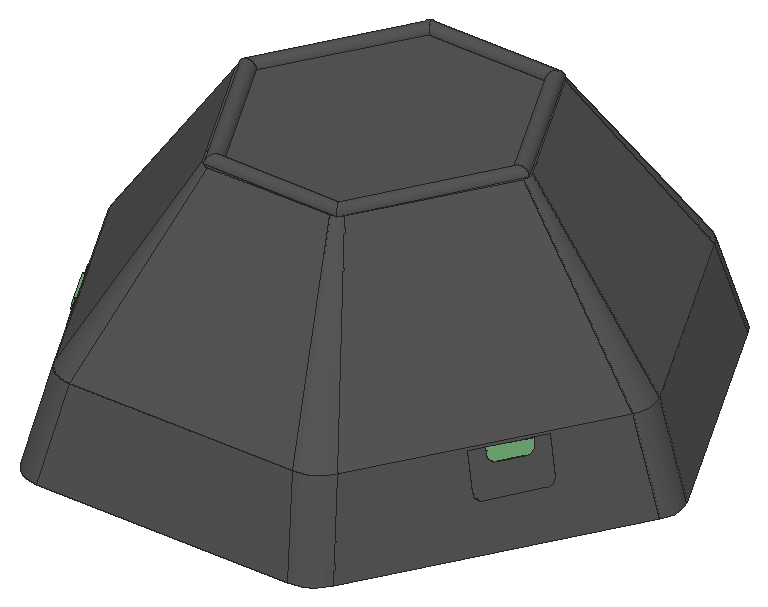
Revit family "Electronics_Huddle-Room-Solutions_Biamp_Devio_Beamtracking-Tabletop-Microphone_DTM-1__", category Communication Devices, host Face, Revit 2020
Family settings
  Host = Face
  Maintain Annotation Orientation = No
  Round Connector Dimension = Use Diameter
  Part Type = Normal
  OmniClass Number = 23.85.10.11.14.14.11
  OmniClass Title = Microphones
  Cut with Voids When Loaded = No
  Shared = No
  Room Calculation Point = No
Parameters (values of type "DTM-1")
  Width = 5.125"  # constant formula
  Weight = 0.60 lbf  # constant formula
  URL = "https://www.biamp.com/"
  Temperature Range = "32 - 104° F (0 - 40° C)"  # constant formula
  Sensitivity = "94 dB SPL, 1 kHz: > 70 dB, A-Weighted"  # constant formula
  Selectable Directivity Modes = "2 modes: Middle of Table (360°) or End of Table (120°)"  # constant formula
  Product data url = "https://www.bimobject.com/biamp/product/dtm-1_huddle-room-solution"
  Product Page URL = "https://www.biamp.com/products/product-families/devio/huddle-room-solutions#dtm-1"
  Product Documentation Link = "https://downloads.biamp.com/assets/docs/default-source/data-sheets/devio-dtm-1-data-sheet_nov18.pdf"
  Power = "< 1 W, phantom powered from SCR-20/SCR-25"  # constant formula
  Polar Pattern = "Active Beamformed"  # constant formula
  Mute Switching = "3 Capacitive Touch Buttons"  # constant formula
  Model = "Devio DTM-1"  # constant formula
  Microphone Technology = "8-Element Digital Array"  # constant formula
  Maximum SPL = "0.5% THD: 106 dB SPL"  # constant formula
  Max Distance Between Devices = "49 feet (15 meters) from SCR-20/SCR-25 to DTM-1; 49 feet (15 meters) for daisy-chained connections between DTM-1 microphones"  # constant formula
  Manufacturer = "Biamp"  # constant formula
  Indicators = "Mute Indicator (Green/Red LED)"  # constant formula
  Humidity = "0-95% relative humidity (non-condensing)"  # constant formula
  Housing Material = Biamp - Plastic - Black
  Height = 2.20312"  # constant formula
  Frequency Response = "150 Hz - 16 kHz: ± 3 dB"  # constant formula
  Dynamic Range = "THD+N < 10%: 92 dB, A-Weighted"  # constant formula
  Digital Interface = "Custom/Proprietary"  # constant formula
  Description = "Devio® DTM-1 Beamtracking™ Tabletop Microphone"  # constant formula
  Depth = 4.76562"  # constant formula
  Default Elevation = 48.00"
  Connectors = "Two RJ-45: one between DTM-1 and Devio SCR-20/SCR-25, the other between DTM-1 and additional DTM"  # constant formula
  Compliance = "FCC Part 15B (USA); CE marked (Europe); UL and C-UL listed (USA and Canada); RoHS Directive (Europe)"  # constant formula
  Automatic Noise Suppression = "4 modes: Of, Low (Default), Medium, High"  # constant formula
  Altitude = "0-6,600 ft (0-2000m) MSL"  # constant formula
Reference planes (in)
  plane 1 "Center (Front/Back)": y = 0
  plane 2: z = 0
  plane 3 "Center (Left/Right)": x = 0
  plane 4: x = -2.5625
  plane 5: x = 2.5625
  plane 6: y = 2.38281
  plane 7: y = -2.38281
  plane 8: z = 2.20312
Forms (in)
  Blend 1, solid, material "Biamp - Plastic - Black" <- "Housing Material", detail levels medium+fine
    base sketch origin (0, 0, 0) x (1, 0, 0) y (0, 1, 0)
      loop
        arc (-1.08005, 2.38281) -> (-1.23298, 2.34091) -> (-1.34319, 2.22689) r 0.3
        line (-1.34319, 2.22689) -> (-2.48361, 0.14408)
        arc (-2.48361, 0.14408) -> (-2.52047, 0) -> (-2.48361, -0.14408) r 0.3
        line (-2.48361, -0.14408) -> (-1.34319, -2.22689)
        arc (-1.34319, -2.22689) -> (-1.23298, -2.34091) -> (-1.08005, -2.38281) r 0.3
        line (-1.08005, -2.38281) -> (1.08005, -2.38281)
        arc (1.08005, -2.38281) -> (1.23298, -2.34091) -> (1.34319, -2.22689) r 0.3
        line (1.34319, -2.22689) -> (2.48361, -0.14408)
        arc (2.48361, -0.14408) -> (2.52047, 0) -> (2.48361, 0.14408) r 0.3
        line (2.48361, 0.14408) -> (1.34319, 2.22689)
        arc (1.34319, 2.22689) -> (1.23298, 2.34091) -> (1.08005, 2.38281) r 0.3
        line (1.08005, 2.38281) -> (-1.08005, 2.38281)
    top sketch origin (0, 0, 0) x (1, 0, 0) y (0, 1, 0)
      loop
        arc (-0.95969, 2.17969) -> (-1.11262, 2.13778) -> (-1.22282, 2.02377) r 0.3
        line (-1.22282, 2.02377) -> (-2.25203, 0.14408)
        arc (-2.25203, 0.14408) -> (-2.28889, 0) -> (-2.25203, -0.14408) r 0.3
        line (-2.25203, -0.14408) -> (-1.22282, -2.02377)
        arc (-1.22282, -2.02377) -> (-1.11262, -2.13778) -> (-0.95969, -2.17969) r 0.3
        line (-0.95969, -2.17969) -> (0.95969, -2.17969)
        arc (0.95969, -2.17969) -> (1.11262, -2.13778) -> (1.22282, -2.02377) r 0.3
        line (1.22282, -2.02377) -> (2.25203, -0.14408)
        arc (2.25203, -0.14408) -> (2.28889, 0) -> (2.25203, 0.14408) r 0.3
        line (2.25203, 0.14408) -> (1.22282, 2.02377)
        arc (1.22282, 2.02377) -> (1.11262, 2.13778) -> (0.95969, 2.17969) r 0.3
        line (0.95969, 2.17969) -> (-0.95969, 2.17969)
    from 0 to 0.73
  Blend 2, solid, material "Biamp - Grill - Black", detail levels medium+fine
    base sketch origin (0, 0, 0.73) x (1, 0, 0) y (0, 1, 0)
      loop
        line (0.95969, 2.17969) -> (-0.95969, 2.17969)
        arc (-0.95969, 2.17969) -> (-1.11262, 2.13778) -> (-1.22282, 2.02377) r 0.3
        line (-1.22282, 2.02377) -> (-2.25203, 0.14408)
        arc (-2.25203, 0.14408) -> (-2.28889, 0) -> (-2.25203, -0.14408) r 0.3
        line (-2.25203, -0.14408) -> (-1.22282, -2.02377)
        arc (-1.22282, -2.02377) -> (-1.11262, -2.13778) -> (-0.95969, -2.17969) r 0.3
        line (-0.95969, -2.17969) -> (0.95969, -2.17969)
        arc (0.95969, -2.17969) -> (1.11262, -2.13778) -> (1.22282, -2.02377) r 0.3
        line (1.22282, -2.02377) -> (2.25203, -0.14408)
        arc (2.25203, -0.14408) -> (2.28889, 0) -> (2.25203, 0.14408) r 0.3
        line (2.25203, 0.14408) -> (1.22282, 2.02377)
        arc (1.22282, 2.02377) -> (1.11262, 2.13778) -> (0.95969, 2.17969) r 0.3
    top sketch origin (0, 0, 0.73) x (1, 0, 0) y (0, 1, 0)
      loop
        line (-0.6104, 1.19021) -> (-1.23579, 0.04803)
        arc (-1.23579, 0.04803) -> (-1.24808, 0) -> (-1.23579, -0.04803) r 0.1
        line (-1.23579, -0.04803) -> (-0.6104, -1.19021)
        arc (-0.6104, -1.19021) -> (-0.57366, -1.22822) -> (-0.52268, -1.24219) r 0.1
        line (-0.52268, -1.24219) -> (0.52268, -1.24219)
        arc (0.52268, -1.24219) -> (0.57366, -1.22822) -> (0.6104, -1.19021) r 0.1
        line (0.6104, -1.19021) -> (1.23579, -0.04803)
        arc (1.23579, -0.04803) -> (1.24808, 0) -> (1.23579, 0.04803) r 0.1
        line (1.23579, 0.04803) -> (0.6104, 1.19021)
        arc (0.6104, 1.19021) -> (0.57366, 1.22822) -> (0.52268, 1.24219) r 0.1
        line (0.52268, 1.24219) -> (-0.52268, 1.24219)
        arc (-0.52268, 1.24219) -> (-0.57366, 1.22822) -> (-0.6104, 1.19021) r 0.1
    from 0 to 1.40702
  Sweep 3, solid, material "Biamp - Plastic - Black" <- "Housing Material", detail levels fine
    path origin (0, 0, 2.13702) x (1, 0, 0) y (0, 1, 0)
      loop
        line (1.24427, 0) -> (0.57268, 1.22656) -> (-0.57268, 1.22656) -> (-1.24427, 0) -> (-0.57268, -1.22656) -> (0.57268, -1.22656) -> (1.24427, 0)
    profile origin (0.90848, 0.61328, 2.13702) x (-0.877125, -0.480262, 0) y (0, 0, 1)
      loop
        line (0, 0) -> (0.12399, 0)
        arc (0.12399, 0) -> (0.062, 0.062) -> (0, 0) r 0.062
  Extrusion 4, solid, material "Biamp - Plastic - Black" <- "Housing Material", detail levels fine
    sketch origin (1.9134, -1.18548, 0) x (0.480262, 0.877125, 0) y (-0.23513, 0.128743, 0.9634)
      loop
        line (-0.12758, 0.74087) -> (-0.12738, 0.44183)
        arc (-0.12738, 0.44183) -> (-0.10643, 0.39763) -> (-0.06093, 0.37968) r 0.06655
        line (-0.06093, 0.37968) -> (0.40318, 0.38)
        arc (0.40318, 0.38) -> (0.44731, 0.39745) -> (0.46763, 0.44033) r 0.06464
        line (0.46763, 0.44033) -> (0.46743, 0.74128) -> (0.34243, 0.74119) -> (0.34246, 0.69024)
        arc (0.34246, 0.69024) -> (0.3236, 0.64462) -> (0.27801, 0.6257) r 0.0645
        line (0.27801, 0.6257) -> (0.0639, 0.62555)
        arc (0.0639, 0.62555) -> (0.01693, 0.64497) -> (-0.00255, 0.69191) r 0.06641
        line (-0.00255, 0.69191) -> (-0.00258, 0.74095) -> (-0.12758, 0.74087)
    from 0 to 0.01242
  Extrusion 5, solid, material "Biamp - Plastic - Green", detail levels fine
    sketch origin (1.9134, -1.18548, 0) x (0.480262, 0.877125, 0) y (-0.23513, 0.128743, 0.9634)
      loop
        line (-0.00257, 0.74095) -> (-0.00253, 0.69191)
        arc (-0.00253, 0.69191) -> (0.01842, 0.64771) -> (0.06392, 0.62977) r 0.06655
        line (0.06392, 0.62977) -> (0.27802, 0.62992)
        arc (0.27802, 0.62992) -> (0.32215, 0.64736) -> (0.34248, 0.69024) r 0.06464
        line (0.34248, 0.69024) -> (0.34244, 0.74119) -> (-0.00257, 0.74095)
    from 0 to 0.02156
  Extrusion 6, solid, material "Biamp - Plastic - Black" <- "Housing Material", detail levels fine
    sketch origin (-1.91614, -1.17117, 0) x (0.480021, -0.877257, 0) y (0.233864, 0.127967, 0.963811)
      loop
        line (-0.29871, 0.74508) -> (-0.2985, 0.44604)
        arc (-0.2985, 0.44604) -> (-0.27902, 0.3991) -> (-0.23205, 0.37968) r 0.06641
        line (-0.23205, 0.37968) -> (0.23205, 0.38)
        arc (0.23205, 0.38) -> (0.27765, 0.39892) -> (0.29651, 0.44455) r 0.0645
        line (0.29651, 0.44455) -> (0.2963, 0.74549) -> (0.1713, 0.74541) -> (0.17133, 0.69446)
        arc (0.17133, 0.69446) -> (0.15247, 0.64884) -> (0.10688, 0.62992) r 0.0645
        line (0.10688, 0.62992) -> (-0.10722, 0.62977)
        arc (-0.10722, 0.62977) -> (-0.15419, 0.64919) -> (-0.17368, 0.69613) r 0.06641
        line (-0.17368, 0.69613) -> (-0.17371, 0.74517) -> (-0.29871, 0.74508)
    from 0 to 0.01242
  Extrusion 7, solid, material "Biamp - Plastic - Green", detail levels fine
    sketch origin (-1.91614, -1.17117, 0) x (0.480021, -0.877257, 0) y (0.233864, 0.127967, 0.963811)
      loop
        line (-0.17371, 0.74517) -> (-0.17368, 0.69613)
        arc (-0.17368, 0.69613) -> (-0.15419, 0.64919) -> (-0.10722, 0.62977) r 0.06641
        line (-0.10722, 0.62977) -> (0.10688, 0.62992)
        arc (0.10688, 0.62992) -> (0.15247, 0.64884) -> (0.17133, 0.69446) r 0.0645
        line (0.17133, 0.69446) -> (0.1713, 0.74541) -> (-0.17371, 0.74517)
    from 0 to 0.02156
  Blend 8, solid, material "Biamp - Plastic - Black" <- "Housing Material", detail levels coarse
    base sketch origin (0, 0, 0.73) x (1, 0, 0) y (0, 1, 0)
      loop
        line (-2.5625, 0) -> (-1.25781, -2.38281) -> (1.25781, -2.38281) -> (2.5625, 0) -> (1.25781, 2.38281) -> (-1.25781, 2.38281) -> (-2.5625, 0)
    top sketch origin (0, 0, 0.73) x (1, 0, 0) y (0, 1, 0)
      loop
        line (-0.58194, 1.24219) -> (-1.26209, 0) -> (-0.58194, -1.24219) -> (0.58194, -1.24219) -> (1.26209, 0) -> (0.58194, 1.24219) -> (-0.58194, 1.24219)
    from -0.73 to 1.47313
  Extrusion 9, void
    sketch origin (0, 0, 0.73) x (0, 1, 0) y (1, 0, 0)
      loop
        line (-0.23909, -0.45807) -> (-0.23909, -0.05807) -> (-0.63909, -0.05807) -> (-0.63909, -0.45807) -> (-0.23909, -0.45807)
      loop
        line (-0.23909, 0.45807) -> (-0.63909, 0.45807) -> (-0.63909, 0.05807) -> (-0.23909, 0.05807) -> (-0.23909, 0.45807)
    from 0.68004 to 0.73
Cuts and joins
  Extrusion 9 cuts Blend 1
  Extrusion 9 cuts Blend 2
  Extrusion 9 cuts Blend 8
Lines and regions (in)
  Masking region 1, detail levels coarse
    outline origin (0, 0, 0.73) x (1, 0, 0) y (0, 1, 0)
      loop
        line (-1.25781, 2.38281) -> (-2.5625, 0) -> (-1.25781, -2.38281) -> (1.25781, -2.38281) -> (2.5625, 0) -> (1.25781, 2.38281) -> (-1.25781, 2.38281)
  Masking region 2, detail levels medium+fine
    outline origin (0, 0, 0.73) x (1, 0, 0) y (0, 1, 0)
      loop
        arc (-1.08005, 2.38281) -> (-1.23298, 2.34091) -> (-1.34319, 2.22689) r 0.3
        line (-1.34319, 2.22689) -> (-2.48361, 0.14408)
        arc (-2.48361, 0.14408) -> (-2.52047, 0) -> (-2.48361, -0.14408) r 0.3
        line (-2.48361, -0.14408) -> (-1.34319, -2.22689)
        arc (-1.34319, -2.22689) -> (-1.23298, -2.34091) -> (-1.08005, -2.38281) r 0.3
        line (-1.08005, -2.38281) -> (1.08005, -2.38281)
        arc (1.08005, -2.38281) -> (1.23298, -2.34091) -> (1.34319, -2.22689) r 0.3
        line (1.34319, -2.22689) -> (2.48361, -0.14408)
        arc (2.48361, -0.14408) -> (2.52047, 0) -> (2.48361, 0.14408) r 0.3
        line (2.48361, 0.14408) -> (1.34319, 2.22689)
        arc (1.34319, 2.22689) -> (1.23298, 2.34091) -> (1.08005, 2.38281) r 0.3
        line (1.08005, 2.38281) -> (-1.08005, 2.38281)
  symbolic lines, detail levels fine
    curve 1: line (-1.24427, 0, 0.73) -> (-0.57268, -1.2273, 0.73)
    curve 2: line (-0.57268, -1.2273, 0.73) -> (0.57349, -1.2273, 0.73)
    curve 3: line (0.49945, -1.10246, 0.73) -> (-0.49921, -1.10246, 0.73)
    curve 4: line (1.10291, 0, 0.73) -> (0.49945, -1.10246, 0.73)
    curve 5: line (0.57091, -1.22979, 0.73) -> (1.24427, 0, 0.73)
    curve 6: line (-0.57268, 1.22656, 0.73) -> (-1.24427, 0, 0.73)
    curve 7: line (-1.10291, 0, 0.73) -> (-0.49908, 1.102, 0.73)
    curve 8: line (0.5727, 1.22656, 0.73) -> (-0.57268, 1.22656, 0.73)
    curve 9: line (-0.49908, 1.102, 0.73) -> (0.49922, 1.102, 0.73)
    curve 10: line (1.10291, 0, 0.73) -> (0.49921, 1.102, 0.73)
    curve 11: line (1.24427, 0, 0.73) -> (0.5727, 1.22656, 0.73)
    curve 12: line (-1.10291, 0, 0.73) -> (-0.49921, -1.10246, 0.73)
  symbolic lines, detail levels medium+fine
    curve 13: line (-2.25203, 0.14408, 0.73) -> (-1.22282, 2.02377, 0.73)
    curve 14: arc (-1.22282, 2.02377, 0.73) -> (-1.11262, 2.13778, 0.73) -> (-0.95969, 2.17969, 0.73) r 0.3
    curve 15: line (-0.95969, 2.17969, 0.73) -> (0.95969, 2.17969, 0.73)
    curve 16: arc (0.95969, 2.17969, 0.73) -> (1.11262, 2.13778, 0.73) -> (1.22282, 2.02377, 0.73) r 0.3
    curve 17: line (1.22282, 2.02377, 0.73) -> (2.25203, 0.14408, 0.73)
    curve 18: arc (2.25203, 0.14408, 0.73) -> (2.28889, 0, 0.73) -> (2.25203, -0.14408, 0.73) r 0.3
    curve 19: line (2.25203, -0.14408, 0.73) -> (1.22282, -2.02377, 0.73)
    curve 20: arc (1.22282, -2.02377, 0.73) -> (1.11262, -2.13778, 0.73) -> (0.95969, -2.17969, 0.73) r 0.3
    curve 21: line (0.95969, -2.17969, 0.73) -> (-0.95969, -2.17969, 0.73)
    curve 22: arc (-0.95969, -2.17969, 0.73) -> (-1.11262, -2.13778, 0.73) -> (-1.22282, -2.02377, 0.73) r 0.3
    curve 23: line (-1.22282, -2.02377, 0.73) -> (-2.25203, -0.14408, 0.73)
    curve 24: arc (-2.25203, -0.14408, 0.73) -> (-2.28889, 0, 0.73) -> (-2.25203, 0.14408, 0.73) r 0.3
    curve 25: arc (-0.6104, -1.19021, 0.73) -> (-0.57366, -1.22822, 0.73) -> (-0.52268, -1.24219, 0.73) r 0.1
    curve 26: arc (0.52268, -1.24219, 0.73) -> (0.57366, -1.22822, 0.73) -> (0.6104, -1.19021, 0.73) r 0.1
    curve 27: line (0.6104, -1.19021, 0.73) -> (1.23579, -0.04803, 0.73)
    curve 28: arc (1.23579, -0.04803, 0.73) -> (1.24808, 0, 0.73) -> (1.23579, 0.04803, 0.73) r 0.1
    curve 29: line (1.23579, 0.04803, 0.73) -> (0.6104, 1.19021, 0.73)
    curve 30: arc (0.6104, 1.19021, 0.73) -> (0.57366, 1.22822, 0.73) -> (0.52268, 1.24219, 0.73) r 0.1
    curve 31: line (0.52268, 1.24219, 0.73) -> (-0.52268, 1.24219, 0.73)
    curve 32: arc (-0.52268, 1.24219, 0.73) -> (-0.57366, 1.22822, 0.73) -> (-0.6104, 1.19021, 0.73) r 0.1
    curve 33: line (-0.6104, 1.19021, 0.73) -> (-1.23579, 0.04803, 0.73)
    curve 34: arc (-1.23579, 0.04803, 0.73) -> (-1.24808, 0, 0.73) -> (-1.23579, -0.04803, 0.73) r 0.1
    curve 35: line (-1.23579, -0.04803, 0.73) -> (-0.6104, -1.19021, 0.73)
    curve 36: line (-0.52268, -1.24219, 0.73) -> (0.52268, -1.24219, 0.73)
    curve 49: arc (-0.52268, -1.24219, 0.73) -> (-0.57366, -1.22822, 0.73) -> (-0.6104, -1.19021, 0.73) r 0.1
    curve 50: arc (-1.22282, -2.02377, 0.73) -> (-1.11262, -2.13778, 0.73) -> (-0.95969, -2.17969, 0.73) r 0.3
  symbolic lines, detail levels coarse
    curve 37: line (-0.58194, -1.24219, 0.73) -> (0.58194, -1.24219, 0.73)
    curve 38: line (0.58194, -1.24219, 0.73) -> (1.26209, 0, 0.73)
    curve 39: line (1.26209, 0, 0.73) -> (0.58194, 1.24219, 0.73)
    curve 40: line (0.58194, 1.24219, 0.73) -> (-0.58194, 1.24219, 0.73)
    curve 41: line (-0.58194, 1.24219, 0.73) -> (-1.26209, 0, 0.73)
    curve 42: line (-1.26209, 0, 0.73) -> (-0.58194, -1.24219, 0.73)
    curve 43: line (-1.25781, -2.38281, 0.73) -> (-0.58194, -1.24219, 0.73)
    curve 44: line (1.25781, -2.38281, 0.73) -> (0.58194, -1.24219, 0.73)
    curve 45: line (2.5625, 0, 0.73) -> (1.26209, 0, 0.73)
    curve 46: line (1.25781, 2.38281, 0.73) -> (0.58194, 1.24219, 0.73)
    curve 47: line (-0.58194, 1.24219, 0.73) -> (-1.25781, 2.38281, 0.73)
    curve 48: line (-2.5625, 0, 0.73) -> (-1.26209, 0, 0.73)
Dimensions and locks (in)
  equal spacing: plane 6, plane 1 "Center (Front/Back)", plane 7
  "Depth": plane 6 to plane 7
  "Width": plane 4 to plane 5
  equal spacing: plane 4, plane 3 "Center (Left/Right)", plane 5
  "Height": level to plane 8
  aligned and locked: plane 2 to host face
  aligned and locked: level to host face
  aligned and locked: Blend 1 sketch curve to plane 6
  aligned and locked: Blend 1 sketch curve to plane 7
  aligned and locked: Blend 8 to level
  aligned and locked: plane 8 to Blend 8
Automatic sketch dimensions
  host sketch curve to host sketch curve = 96.00"  (x2)
  Sweep 3 sketch curve to Blend 2 = 0.01563"  (x6)
  Sweep 3 sketch curve to Blend 2 = 0.01562"  (x4)
  Sweep 3 sketch curve to profile plane = 0.00"
  profile plane to Sweep 3 sketch curve = 0.00"
  Sweep 3 sketch curve to profile plane = 0.062"
  Blend 1 to Extrusion 4 sketch curve = 0.01687"
  Blend 1 to Extrusion 4 sketch curve = 0.93037"
  Extrusion 4 sketch curve to Extrusion 4 sketch curve = 0.00021"
  Extrusion 4 sketch curve to Extrusion 4 sketch curve = 0.06641"  (x2)
  Blend 1 to Extrusion 4 sketch curve = 0.37968"
  Extrusion 4 sketch curve to Extrusion 4 sketch curve = 0.00005"  (x2)
  Extrusion 4 sketch curve to Extrusion 4 sketch curve = 0.4641"
  Blend 1 to Extrusion 4 sketch curve = 0.38"
  Extrusion 4 sketch curve to Extrusion 4 sketch curve = 0.00004"  (x2)
  Blend 1 to Extrusion 4 sketch curve = 0.01646"
  Blend 1 to Extrusion 4 sketch curve = 0.3174"
  Blend 1 to Extrusion 5 sketch curve = 0.01678"
  Blend 1 to Extrusion 5 sketch curve = 1.05382"
  Blend 1 to Extrusion 5 sketch curve = 0.06582"
  Extrusion 5 sketch curve to Extrusion 5 sketch curve = 0.00003"
  Blend 1 to Extrusion 5 sketch curve = 0.01654"
  Blend 1 to Extrusion 5 sketch curve = 0.06749"
  Extrusion 5 sketch curve to Extrusion 5 sketch curve = 0.0645"
  Blend 1 to Extrusion 5 sketch curve = 0.62992"
  Extrusion 5 sketch curve to Extrusion 5 sketch curve = 0.00004"
  Blend 1 to Extrusion 5 sketch curve = 0.62977"
  Extrusion 5 sketch curve to Extrusion 5 sketch curve = 0.06645"
  Extrusion 5 sketch curve to Extrusion 5 sketch curve = 0.00005"
  Blend 1 to Extrusion 4 sketch curve = 0.01678"
  Blend 1 to Extrusion 4 sketch curve = 0.06582"
  Blend 1 to Extrusion 4 sketch curve = 0.06578"
  Extrusion 4 sketch curve to Extrusion 4 sketch curve = 0.2141"
  Extrusion 4 sketch curve to Extrusion 4 sketch curve = 0.0645"  (x2)
  Extrusion 4 sketch curve to Extrusion 4 sketch curve = 0.12496"
  Extrusion 4 sketch curve to Extrusion 4 sketch curve = 0.00003"
  Blend 1 to Extrusion 4 sketch curve = 0.01654"
  Extrusion 4 sketch curve to Extrusion 4 sketch curve = 0.06447"
  Extrusion 6 sketch curve to Extrusion 6 sketch curve = 0.00021"
  Extrusion 6 sketch curve to Extrusion 6 sketch curve = 0.06641"  (x2)
  Extrusion 6 sketch curve to Extrusion 6 sketch curve = 0.00005"  (x2)
  Extrusion 6 sketch curve to Extrusion 6 sketch curve = 0.125"  (x2)
  Extrusion 6 sketch curve to Extrusion 6 sketch curve = 0.00003"
  Extrusion 6 sketch curve to Extrusion 6 sketch curve = 0.2141"
  Extrusion 6 sketch curve to Extrusion 6 sketch curve = 0.00004"  (x3)
  Extrusion 6 sketch curve to Extrusion 6 sketch curve = 0.06447"
  Extrusion 6 sketch curve to Extrusion 6 sketch curve = 0.12513"
  Extrusion 6 sketch curve to Extrusion 6 sketch curve = 0.0645"  (x3)
  Extrusion 6 sketch curve to Extrusion 6 sketch curve = 0.00032"
  Extrusion 6 sketch curve to Extrusion 6 sketch curve = 0.06636"  (x2)
  Extrusion 6 sketch curve to Extrusion 6 sketch curve = 0.18368"
  Extrusion 6 sketch curve to Extrusion 6 sketch curve = 0.00015"
  Extrusion 7 sketch curve to Extrusion 7 sketch curve = 0.00003"
  Extrusion 7 sketch curve to Extrusion 7 sketch curve = 0.06641"
  Extrusion 7 sketch curve to Extrusion 7 sketch curve = 0.00005"  (x2)
  Extrusion 7 sketch curve to Extrusion 7 sketch curve = 0.2141"
  Extrusion 7 sketch curve to Extrusion 7 sketch curve = 0.00004"  (x2)
  Extrusion 7 sketch curve to Extrusion 7 sketch curve = 0.06447"
  Extrusion 7 sketch curve to Extrusion 7 sketch curve = 0.00015"
  Extrusion 7 sketch curve to Extrusion 7 sketch curve = 0.0645"
  Blend 1 to Blend 8 sketch curve = 0.20313"  (x3)
  Blend 8 sketch curve to Blend 1 = 2.17969"  (x4)
  Blend 8 sketch curve to Blend 8 sketch curve = 1.30469"  (x3)
  Blend 8 sketch curve to Blend 8 sketch curve = 2.51562"
  Blend 8 sketch curve to Blend 8 sketch curve = 2.51563"
  Blend 8 sketch curve to Blend 1 = 0.9375"  (x3)
  Blend 8 sketch curve to Blend 8 sketch curve = 0.68015"  (x3)
  Blend 8 sketch curve to Blend 8 sketch curve = 1.16388"  (x2)
  plane 1 "Center (Front/Back)" to Blend 1 sketch curve = 0.00"  (x4)
  plane 4 to Blend 1 sketch curve = 0.07889"  (x2)
  Blend 1 sketch curve to Blend 1 sketch curve = 0.26314"  (x11)
  Blend 1 sketch curve to plane 6 = 0.15592"  (x2)
  plane 4 to Blend 1 sketch curve = 1.21931"  (x2)
  plane 7 to Blend 1 sketch curve = 0.15592"  (x2)
  plane 3 "Center (Left/Right)" to Blend 1 sketch curve = 1.08005"  (x2)
  Blend 1 sketch curve to plane 5 = 0.34203"
  Blend 1 sketch curve to plane 5 = 0.07889"  (x2)
  plane 1 "Center (Front/Back)" to Blend 1 sketch curve = 0.14408"  (x3)
  plane 4 to Blend 1 sketch curve = 0.31047"
  Blend 1 sketch curve to plane 1 "Center (Front/Back)" = 0.14408"  (x2)
  Blend 1 sketch curve to Blend 1 sketch curve = 0.00"
  Blend 1 sketch curve to plane 3 "Center (Left/Right)" = 1.22282"  (x2)
  Blend 1 sketch curve to plane 6 = 0.35905"  (x2)
  plane 7 to Blend 1 sketch curve = 0.20312"
  Blend 1 sketch curve to plane 6 = 0.20313"
  plane 3 "Center (Left/Right)" to Blend 1 sketch curve = 0.95969"  (x2)
  plane 7 to Blend 1 sketch curve = 0.35905"
  Blend 1 sketch curve to plane 5 = 0.57361"
  Blend 1 sketch curve to Blend 1 sketch curve = 0.30"
  Blend 1 to Blend 2 sketch curve = 0.00"
  Blend 2 sketch curve to Blend 1 = 0.00"
  Blend 2 sketch curve to Blend 1 = 2.03561"  (x4)
  Blend 2 sketch curve to Blend 1 = 0.15592"  (x4)
  Blend 2 sketch curve to Blend 1 = 0.30"  (x2)
  Blend 2 sketch curve to Blend 1 = 0.9375"
  Blend 2 sketch curve to Blend 1 = 2.13166"  (x3)
  Blend 2 sketch curve to Blend 2 sketch curve = 0.00"  (x2)
  Blend 2 sketch curve to Blend 2 sketch curve = 0.08771"  (x6)
  Blend 2 sketch curve to Blend 1 = 0.98947"  (x4)
  Blend 2 sketch curve to Blend 2 sketch curve = 0.62539"  (x3)
  Blend 2 sketch curve to Blend 2 sketch curve = 1.04537"  (x2)
  Blend 2 sketch curve to Blend 2 sketch curve = 0.05197"
  Blend 2 sketch curve to Blend 2 sketch curve = 0.04803"  (x2)
  Blend 1 to Masking region 1 sketch curve = 0.20313"
  Blend 1 to Masking region 1 sketch curve = 0.20312"  (x2)
  Masking region 1 sketch curve to Blend 1 = 2.17969"  (x2)
  Masking region 1 sketch curve to Masking region 1 sketch curve = 1.30469"  (x3)
  Masking region 1 sketch curve to Masking region 1 sketch curve = 2.51562"
  Masking region 1 sketch curve to Masking region 1 sketch curve = 2.51563"
  Masking region 2 sketch curve to Blend 1 = 0.09688"  (x3)
  Blend 1 to Masking region 2 sketch curve = 0.20313"
  Blend 1 to Masking region 2 sketch curve = 0.0472"  (x4)
  Masking region 2 sketch curve to Masking region 2 sketch curve = 2.1601"  (x2)
  Masking region 2 sketch curve to Blend 1 = 2.03561"  (x2)
  Masking region 2 sketch curve to Masking region 2 sketch curve = 1.14043"  (x3)
  Masking region 2 sketch curve to Masking region 2 sketch curve = 0.26314"  (x4)
  Masking region 2 sketch curve to Masking region 2 sketch curve = 0.14408"  (x2)
  Masking region 2 sketch curve to Masking region 2 sketch curve = 0.00"  (x2)
  Masking region 2 sketch curve to Blend 1 = 0.09687"
  Blend 1 to curve 23 = 0.00"
  curve 16 to Blend 1 = 0.00"
  curve 13 to Blend 1 = 2.03561"
  curve 23 to Blend 1 = 2.03561"
  curve 6 to Blend 1 = 2.17969"
  curve 24 to curve 6 = 0.74462"
  curve 35 to Blend 1 = 2.13166"
  curve 1 to curve 35 = 0.00848"
  curve 33 to Blend 1 = 2.13166"
  curve 1 to curve 33 = 0.00848"
  curve 23 to Blend 1 = 0.15592"
  curve 13 to Blend 1 = 0.15592"
  curve 1 to curve 34 = 0.09619"
  curve 34 to curve 12 = 0.04517"
  curve 22 to Blend 1 = 0.30"
  curve 33 to Blend 1 = 0.98947"
  curve 14 to curve 33 = 0.34929"
  curve 35 to Blend 1 = 0.98947"
  curve 22 to curve 35 = 0.34929"
  curve 35 to curve 2 = 0.03772"
  curve 6 to Blend 1 = 0.95313"
  curve 32 to curve 6 = 0.03772"
  curve 6 to curve 31 = 0.05"
  curve 1 to curve 25 = 0.05"
  curve 25 to curve 12 = 0.02347"
  curve 32 to curve 7 = 0.0236"
  curve 7 to curve 9 = 0.9983"
  curve 3 to curve 20 = 0.46024"
  curve 9 to curve 31 = 0.02346"
  curve 30 to curve 8 = 0.05001"
  curve 26 to curve 2 = 0.05081"
  curve 29 to Blend 1 = 0.98947"
  curve 8 to curve 29 = 0.0377"
  curve 2 to curve 27 = 0.03691"
  curve 10 to Blend 1 = 2.17969"
  curve 10 to curve 18 = 0.88599"
  curve 4 to curve 28 = 0.04517"
  curve 19 to Blend 1 = 0.15592"
  curve 17 to Blend 1 = 0.15592"
  curve 29 to Blend 1 = 2.13166"
  curve 28 to curve 29 = 0.08771"
  curve 27 to Blend 1 = 2.13166"
  curve 27 to curve 29 = 0.00"
  curve 19 to Blend 1 = 2.03561"
  curve 17 to Blend 1 = 2.03561"
  curve 1 to curve 35 = 0.03709"
  curve 9 to curve 30 = 0.08822"
  curve 9 to curve 32 = 0.04019"
  curve 4 to Blend 1 = 1.07723"
  curve 5 to Blend 1 = 0.9499"
  curve 41 to Blend 1 = 2.17969"
  curve 41 to curve 1 = 0.01781"
  curve 42 to Blend 1 = 0.9375"
  curve 41 to Blend 1 = 0.9375"
  curve 5 to curve 38 = 0.01102"
  curve 38 to Blend 1 = 2.17969"
  curve 5 to curve 38 = 0.01781"
  Blend 1 to curve 43 = 0.20313"
  curve 43 to curve 23 = 0.03499"
  Blend 1 to curve 44 = 0.20313"
  curve 20 to curve 44 = 0.03499"
  curve 18 to curve 45 = 0.31047"
  Blend 1 to curve 46 = 0.20313"
  curve 15 to curve 46 = 0.29813"
  Blend 1 to curve 47 = 0.20312"
  curve 47 to curve 15 = 0.29813"
  curve 48 to curve 13 = 0.31047"
  curve 43 to curve 1 = 0.00926"
  curve 3 to curve 36 = 0.02324"
  curve 2 to curve 44 = 0.00845"
  curve 36 to curve 5 = 0.0124"
  curve 11 to Blend 1 = 2.17969"
  curve 29 to curve 11 = 0.00848"
  curve 8 to curve 39 = 0.00924"
  curve 15 to curve 17 = 0.26314"
  curve 10 to curve 9 = 0.00002"
  curve 47 to curve 6 = 0.00926"
  curve 34 to curve 7 = 0.00"
  Extrusion 9 sketch curve to Blend 1 = 1.5406"
  Extrusion 9 sketch curve to Extrusion 9 sketch curve = 0.00"
  Extrusion 9 sketch curve to Extrusion 9 sketch curve = 0.40"  (x4)
  Extrusion 9 sketch curve to Blend 1 = 1.33579"
  Extrusion 9 sketch curve to Extrusion 9 sketch curve = 0.11615"
  radius of Blend 2 sketch curve to Blend 1 = 0.00"  (x4)
  radius of curve 14 to Blend 1 = 0.00"
  radius of curve 18 to Blend 1 = 0.00"
  radius of curve 20 to Blend 1 = 0.00"
  radius of curve 24 to Blend 1 = 0.00"
Connectors (in)
  electrical at (-0.25807, -0.43909, 0.04996)
    settings: on cut or joined group of Blend 1, Extrusion 9, index 2, voltage 0 V, apparent load 0 VA, apparent load phase1 0 VA, apparent load phase2 0 VA, apparent load phase3 0 VA, power factor 1, load classification "Other", number of poles 1, system type 5, power factor state 1, is connector primary yes, connector utility no, sub classification motor no, connector description "RJ-45; Input"
  electrical at (0.25807, -0.43909, 0.04996)
    settings: on cut or joined group of Blend 1, Extrusion 9, index 3, voltage 0 V, apparent load 0 VA, apparent load phase1 0 VA, apparent load phase2 0 VA, apparent load phase3 0 VA, power factor 1, load classification "Other", number of poles 1, system type 5, power factor state 1, is connector primary no, connector utility no, sub classification motor no, connector description "RJ-45; Output"
